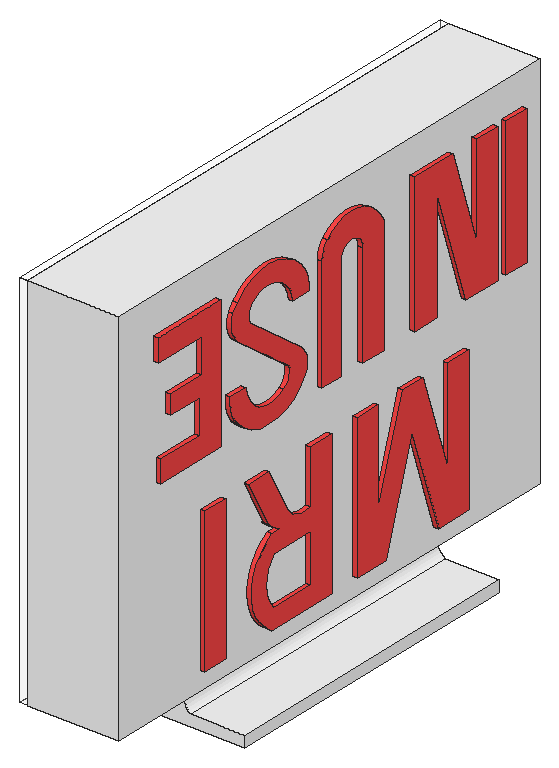
Revit family "OBN_Ceiling", category Lighting Fixtures, host Face, Revit 2021
Family settings
  Host = Face
  Round Connector Dimension = Use Diameter
  Part Type = Normal
  OmniClass Number = 23.80.70.11.21
  OmniClass Title = Emergency Lighting
  Cut with Voids When Loaded = No
  Light Source = No
  Shared = No
  Room Calculation Point = No
Parameters (values of type "OBN")
  zz Length 1 [instance] = 0.200"
  Watts = 12 W
  Wattage Comments = "12.00 W"
  Warranty = "Fixture: 5 Years Full; Battery: 2 Years Full, 8 Years Pro-Rata"  # constant formula
  Wall Plate Material = Black
  Voltage [instance] = if(Is 120VAC, 120 V, 277 V)  # 120 V
  URL = "https://www.currentlighting.com/lifeshield"
  Type Comments = "Message Sign"  # constant formula
  Single Side = yes
  Product Page URL = ""
  Product Documentation Link = ""
  Model = "Obisidian"  # constant formula
  Manufacturer = "Lifeshield"  # constant formula
  Load Classification = Lighting
  Lens = Red Glass
  Lamp = "LED Lamp"  # constant formula
  Is 277VAC [instance] = not(Is 120VAC)  # no
  Is 120VAC [instance] = yes
  Holder Material = Steel
  Glass = light Glass
  Finish = White
  Features = "The LED panel is designed to provide bright and uniform illumination across the panel face\r\nA variety of standard messages can be selected with either red or green letters. Custom messages are available upon request\r\nExtruded aluminum body with die cast corners available in either a white or black finish\r\nObsidian is provided ready for surface, ceiling, end or wall-mounting with included canopy accessory, can also be recessed mounted with optional mounting kit\r\nLED life-cycle exceeding 10 years"  # constant formula
  End = C : C1
  Double Side = yes
  Description = "The Obsidian Message Sign provides a reliable method to communicate critical messaging. The high contrast face panel clearly communicates the message in highly visible red or green letters when the sign is energized. In the Off condition, the face becomes black without any message bleed through - eliminating any confusion."  # constant formula
  Default Elevation = 48.000"
  Certification = "CSA Listed to UL48, Standard for Electric Sign"  # constant formula
  Application = "Healthcare, Commercial, hospitality"  # constant formula
  Apparent Load = Watts  # 12 VA
Reference planes (in)
  plane 1 "Center (Front/Back)": y = 0
  plane 2: z = 0
  plane 3 "Center (Left/Right)": x = 0
  plane 4: x = -6.25
  plane 5: x = 6.25
  plane 6: x = -2.75
  plane 7: x = 2.75
  plane 8: z = 9.3
  plane 9: y = -1.25
  plane 10: y = 1.25
  plane 11: y = -2.2
  plane 12: y = 2.2
Forms (in)
  Extrusion 1, solid, material "White"
    sketch origin (-0.33698, -0.33698, 0) x (1, 0, 0) y (0, 0, 1)
      loop
        line (2.20258, 0) -> (2.20258, 0.24288) -> (1.0795, 0.24288)
        arc (1.0795, 0.24288) -> (0.94157, 0.42301) -> (0.97906, 0.64676) r 0.28476
        line (0.97906, 0.64676) -> (-0.97906, 0.64676)
        arc (-0.97906, 0.64676) -> (-0.94157, 0.42301) -> (-1.0795, 0.24288) r 0.28476
        line (-1.0795, 0.24288) -> (-2.20258, 0.24288) -> (-2.20258, 0) -> (2.20258, 0)
    from -3.46752 to 3.16302
Dimensions and locks (in)
  plane 4 to plane 3 "Center (Left/Right)" = 6.250"
  equal spacing: plane 4, plane 3 "Center (Left/Right)", plane 5
  equal spacing: plane 6, plane 3 "Center (Left/Right)", plane 7
  plane 6 to plane 3 "Center (Left/Right)" = 2.750"
  plane 7 to plane 6 = 5.500"
  plane 5 to plane 4 = 12.500"
  aligned and locked: plane 2 to host face
  aligned and locked: level to host face
Automatic sketch dimensions
  host sketch curve to host sketch curve = 96.000"  (x2)
  Extrusion 1 sketch curve to level = 0.000"
  plane 6 to Extrusion 1 sketch curve = 0.21043"
  level to Extrusion 1 sketch curve = 0.49173"
  Extrusion 1 sketch curve to Extrusion 1 sketch curve = 0.98467"
  Extrusion 1 sketch curve to Extrusion 1 sketch curve = 0.13842"  (x2)
  Extrusion 1 sketch curve to Extrusion 1 sketch curve = 0.23886"
  plane 3 "Center (Left/Right)" to Extrusion 1 sketch curve = 0.64208"
  Extrusion 1 sketch curve to Extrusion 1 sketch curve = 0.10044"
  level to Extrusion 1 sketch curve = 0.24288"
  Extrusion 1 sketch curve to plane 7 = 0.8844"
  Extrusion 1 sketch curve to Extrusion 1 sketch curve = 0.24288"
Nested families (in)
  nested 1: "C" at (-0.14499, 0, 0.64176) x (0, -1, 0) z (0, 0, 1), type <- "End", type "C1"
Connectors (in)
  electrical at (-0.33698, -0.18473, 0), driven by "Voltage", driven by "Apparent Load"
    settings: on Extrusion 1, index 1, voltage 120 V, apparent load 12 VA, apparent load phase1 0 VA, apparent load phase2 0 VA, apparent load phase3 0 VA, power factor 1, load classification "Other", number of poles 1, system type 30, power factor state 1, is connector primary yes, connector utility no, sub classification motor no, connector description "Lighting Connector"
Definition of nested family "C"
  Parameters
    Width = 2.180"
    Single Side = yes
    Lens = none
    Glass = none
    Finish = none
    Double Side = yes
    Default Elevation = 0.000"
  Reference planes (in)
    plane 1 "Center (Front/Back)": y = 0
    plane 2: z = 0
    plane 3 "Center (Left/Right)": x = 0
    plane 4: x = 5.49
    plane 5: x = -5.49
    plane 6: z = 7.95
    plane 7: y = 1.09
    plane 8: y = -1.09
  Forms (in)
    Extrusion 1, solid, material <- "Finish"
      sketch origin (0, 0.02507, 8.68) x (-1, 0, 0) y (0, 0, -1)
        loop
          line (-5.49, 0.73) -> (5.49, 0.73) -> (5.49, 8.68) -> (-5.49, 8.68) -> (-5.49, 0.73)
      from -0.95 to 0.95
    Extrusion 2, solid, material <- "Lens", visible <- "Single Side"
      sketch origin (0, 0.02507, 0.07542) x (1, 0, 0) y (0, 0, 1)
        loop
          line (-3.53314, 3.34728) -> (-3.53314, 0.34728) -> (-2.99224, 0.34728) -> (-2.99224, 3.34728) -> (-3.53314, 3.34728)
        loop
          line (2.81407, 3.34728) -> (2.81407, 1.35176) -> (2.16568, 3.34728) -> (1.6293, 3.34728) -> (0.9935, 1.39048) -> (0.9935, 3.34728) -> (0.4526, 3.34728) -> (0.4526, 0.34728) -> (1.18845, 0.34728) -> (1.87504, 2.4604) -> (2.56164, 0.34728) -> (3.35497, 0.34728) -> (3.35497, 3.34728) -> (2.81407, 3.34728)
        loop
          line (-0.23215, 3.34728) -> (-0.77305, 3.34728) -> (-0.77305, 2.22457)
          arc (-0.77305, 2.22457) -> (-1.14557, 2.25349) -> (-1.41817, 2.50903) r 0.56368
          line (-1.41817, 2.50903) -> (-1.85443, 3.34728) -> (-2.38453, 3.34728) -> (-1.86798, 2.35475)
          arc (-1.86798, 2.35475) -> (-1.68643, 2.2224) -> (-1.46928, 2.16476) r 0.60988
          line (-1.46928, 2.16476) -> (-1.78276, 2.16476)
          arc (-1.78276, 2.16476) -> (-2.31695, 1.25602) -> (-1.78276, 0.34728) r 1.04006
          line (-1.78276, 0.34728) -> (-0.23215, 0.34728) -> (-0.23215, 3.34728)
        loop
          line (-0.77305, 0.75116) -> (-0.77305, 1.76088) -> (-1.73228, 1.76088)
          arc (-1.73228, 1.76088) -> (-1.9323, 1.25602) -> (-1.73228, 0.75116) r 0.73713
          line (-1.73228, 0.75116) -> (-0.77305, 0.75116)
        loop
          line (4.33146, 7.19837) -> (4.33146, 4.31243) -> (4.87434, 4.31243) -> (4.87434, 7.19837) -> (4.33146, 7.19837)
        loop
          line (3.56317, 7.19837) -> (3.56317, 5.25808) -> (2.93272, 7.19837) -> (1.94064, 7.19837) -> (1.94064, 4.31243) -> (2.53418, 4.31243) -> (2.53418, 6.63709) -> (3.28951, 4.31243) -> (4.10604, 4.31243) -> (4.10604, 7.19837) -> (3.56317, 7.19837)
        loop
          line (1.13019, 4.31243) -> (1.13019, 6.75976)
          arc (1.13019, 6.75976) -> (0.466, 7.27518) -> (-0.33784, 7.02894) r 0.91276
          arc (-0.33784, 7.02894) -> (-0.44061, 6.87749) -> (-0.47675, 6.69806) r 0.46353
          line (-0.47675, 6.69806) -> (-0.47675, 4.31243) -> (0.01546, 4.31243) -> (0.01546, 6.4794)
          arc (0.01546, 6.4794) -> (0.30139, 6.76533) -> (0.58732, 6.4794) r 0.28593
          line (0.58732, 6.4794) -> (0.58732, 4.31243) -> (1.13019, 4.31243)
        loop
          line (-4.68598, 4.37493) -> (-3.12971, 4.37493) -> (-3.12971, 7.13587) -> (-4.75115, 7.13587) -> (-4.75115, 6.65284) -> (-3.61916, 6.65284) -> (-3.61916, 5.94346) -> (-4.42988, 5.94346) -> (-4.42988, 5.5381) -> (-3.67258, 5.5381) -> (-3.67258, 4.82872) -> (-4.68598, 4.82872) -> (-4.68598, 4.37493)
        loop
          line (-2.47819, 5.20089) -> (-2.88022, 5.20089)
          arc (-2.88022, 5.20089) -> (-2.84818, 4.8837) -> (-2.68766, 4.60826) r 0.75242
          arc (-2.68766, 4.60826) -> (-1.85576, 4.24188) -> (-1.02387, 4.60826) r 1.12765
          arc (-1.02387, 4.60826) -> (-0.96559, 4.68164) -> (-0.91688, 4.76169) r 0.75276
          arc (-0.91688, 4.76169) -> (-0.87475, 5.06793) -> (-1.03855, 5.33008) r 0.45373
          line (-1.03855, 5.33008) -> (-2.36791, 6.37098)
          arc (-2.36791, 6.37098) -> (-2.37045, 6.58515) -> (-2.23872, 6.75404) r 0.32375
          arc (-2.23872, 6.75404) -> (-1.60498, 6.79567) -> (-1.23334, 6.28066) r 0.65559
          line (-1.23334, 6.28066) -> (-0.83131, 6.28066)
          arc (-0.83131, 6.28066) -> (-0.86335, 6.59785) -> (-1.02387, 6.8733) r 0.75242
          arc (-1.02387, 6.8733) -> (-1.85576, 7.23967) -> (-2.68766, 6.8733) r 1.12765
          arc (-2.68766, 6.8733) -> (-2.74594, 6.79992) -> (-2.79465, 6.71987) r 0.75276
          arc (-2.79465, 6.71987) -> (-2.83676, 6.41353) -> (-2.67283, 6.15135) r 0.45373
          line (-2.67283, 6.15135) -> (-1.34362, 5.11057)
          arc (-1.34362, 5.11057) -> (-1.34108, 4.8964) -> (-1.47281, 4.72751) r 0.32375
          arc (-1.47281, 4.72751) -> (-2.10655, 4.68588) -> (-2.47819, 5.20089) r 0.65559
      from 0.95 to 1.11507
    Extrusion 3, solid, material <- "Glass"
      sketch origin (0, 0.02507, 8.68) x (-1, 0, 0) y (0, 0, -1)
        loop
          line (-5.49, 8.68) -> (-5.49, 0.73) -> (5.49, 0.73) -> (5.49, 8.68) -> (-5.49, 8.68)
      from 0.95 to 1.11507
    Extrusion 4, solid, material <- "Glass", not visible
      sketch origin (0, 0.02507, 8.68) x (-1, 0, 0) y (0, 0, 1)
        loop
          line (5.49, -0.73) -> (-5.49, -0.73) -> (-5.49, -8.68) -> (5.49, -8.68) -> (5.49, -0.73)
      from 0.95 to 1.06493
    Extrusion 5, solid, material <- "Lens", visible <- "Double Side"
      sketch origin (-0.145, -0.02507, 0.07542) x (-1, 0, 0) y (0, 0, 1)
        loop
          line (-3.53314, 3.34728) -> (-3.53314, 0.34728) -> (-2.99224, 0.34728) -> (-2.99224, 3.34728) -> (-3.53314, 3.34728)
        loop
          line (2.81407, 3.34728) -> (2.81407, 1.35176) -> (2.16568, 3.34728) -> (1.6293, 3.34728) -> (0.9935, 1.39048) -> (0.9935, 3.34728) -> (0.4526, 3.34728) -> (0.4526, 0.34728) -> (1.18845, 0.34728) -> (1.87504, 2.4604) -> (2.56164, 0.34728) -> (3.35497, 0.34728) -> (3.35497, 3.34728) -> (2.81407, 3.34728)
        loop
          line (-0.23215, 3.34728) -> (-0.77305, 3.34728) -> (-0.77305, 2.22457)
          arc (-0.77305, 2.22457) -> (-1.14557, 2.25349) -> (-1.41817, 2.50903) r 0.56368
          line (-1.41817, 2.50903) -> (-1.85443, 3.34728) -> (-2.38453, 3.34728) -> (-1.86798, 2.35475)
          arc (-1.86798, 2.35475) -> (-1.68643, 2.2224) -> (-1.46928, 2.16476) r 0.60988
          line (-1.46928, 2.16476) -> (-1.78276, 2.16476)
          arc (-1.78276, 2.16476) -> (-2.31695, 1.25602) -> (-1.78276, 0.34728) r 1.04006
          line (-1.78276, 0.34728) -> (-0.23215, 0.34728) -> (-0.23215, 3.34728)
        loop
          line (-0.77305, 0.75116) -> (-0.77305, 1.76088) -> (-1.73228, 1.76088)
          arc (-1.73228, 1.76088) -> (-1.9323, 1.25602) -> (-1.73228, 0.75116) r 0.73713
          line (-1.73228, 0.75116) -> (-0.77305, 0.75116)
        loop
          line (4.33146, 7.19837) -> (4.33146, 4.31243) -> (4.87434, 4.31243) -> (4.87434, 7.19837) -> (4.33146, 7.19837)
        loop
          line (3.56317, 7.19837) -> (3.56317, 5.25808) -> (2.93272, 7.19837) -> (1.94064, 7.19837) -> (1.94064, 4.31243) -> (2.53418, 4.31243) -> (2.53418, 6.63709) -> (3.28951, 4.31243) -> (4.10604, 4.31243) -> (4.10604, 7.19837) -> (3.56317, 7.19837)
        loop
          line (1.13019, 4.31243) -> (1.13019, 6.75976)
          arc (1.13019, 6.75976) -> (0.466, 7.27518) -> (-0.33784, 7.02894) r 0.91276
          arc (-0.33784, 7.02894) -> (-0.44061, 6.87749) -> (-0.47675, 6.69806) r 0.46353
          line (-0.47675, 6.69806) -> (-0.47675, 4.31243) -> (0.01546, 4.31243) -> (0.01546, 6.4794)
          arc (0.01546, 6.4794) -> (0.30139, 6.76533) -> (0.58732, 6.4794) r 0.28593
          line (0.58732, 6.4794) -> (0.58732, 4.31243) -> (1.13019, 4.31243)
        loop
          line (-4.68598, 4.37493) -> (-3.12971, 4.37493) -> (-3.12971, 7.13587) -> (-4.75115, 7.13587) -> (-4.75115, 6.65284) -> (-3.61916, 6.65284) -> (-3.61916, 5.94346) -> (-4.42988, 5.94346) -> (-4.42988, 5.5381) -> (-3.67258, 5.5381) -> (-3.67258, 4.82872) -> (-4.68598, 4.82872) -> (-4.68598, 4.37493)
        loop
          line (-2.47819, 5.20089) -> (-2.88022, 5.20089)
          arc (-2.88022, 5.20089) -> (-2.84818, 4.8837) -> (-2.68766, 4.60826) r 0.75242
          arc (-2.68766, 4.60826) -> (-1.85576, 4.24188) -> (-1.02387, 4.60826) r 1.12765
          arc (-1.02387, 4.60826) -> (-0.96559, 4.68164) -> (-0.91688, 4.76169) r 0.75276
          arc (-0.91688, 4.76169) -> (-0.87475, 5.06793) -> (-1.03855, 5.33008) r 0.45373
          line (-1.03855, 5.33008) -> (-2.36791, 6.37098)
          arc (-2.36791, 6.37098) -> (-2.37045, 6.58515) -> (-2.23872, 6.75404) r 0.32375
          arc (-2.23872, 6.75404) -> (-1.60498, 6.79567) -> (-1.23334, 6.28066) r 0.65559
          line (-1.23334, 6.28066) -> (-0.83131, 6.28066)
          arc (-0.83131, 6.28066) -> (-0.86335, 6.59785) -> (-1.02387, 6.8733) r 0.75242
          arc (-1.02387, 6.8733) -> (-1.85576, 7.23967) -> (-2.68766, 6.8733) r 1.12765
          arc (-2.68766, 6.8733) -> (-2.74594, 6.79992) -> (-2.79465, 6.71987) r 0.75276
          arc (-2.79465, 6.71987) -> (-2.83676, 6.41353) -> (-2.67283, 6.15135) r 0.45373
          line (-2.67283, 6.15135) -> (-1.34362, 5.11057)
          arc (-1.34362, 5.11057) -> (-1.34108, 4.8964) -> (-1.47281, 4.72751) r 0.32375
          arc (-1.47281, 4.72751) -> (-2.10655, 4.68588) -> (-2.47819, 5.20089) r 0.65559
      from 0.95 to 1.11507
  Dimensions and locks (in)
    aligned and locked: plane 2 to level
    aligned and locked: Extrusion 4 to plane 7
    aligned and locked: plane 8 to Extrusion 3
    aligned and locked: plane 8 to Extrusion 2
